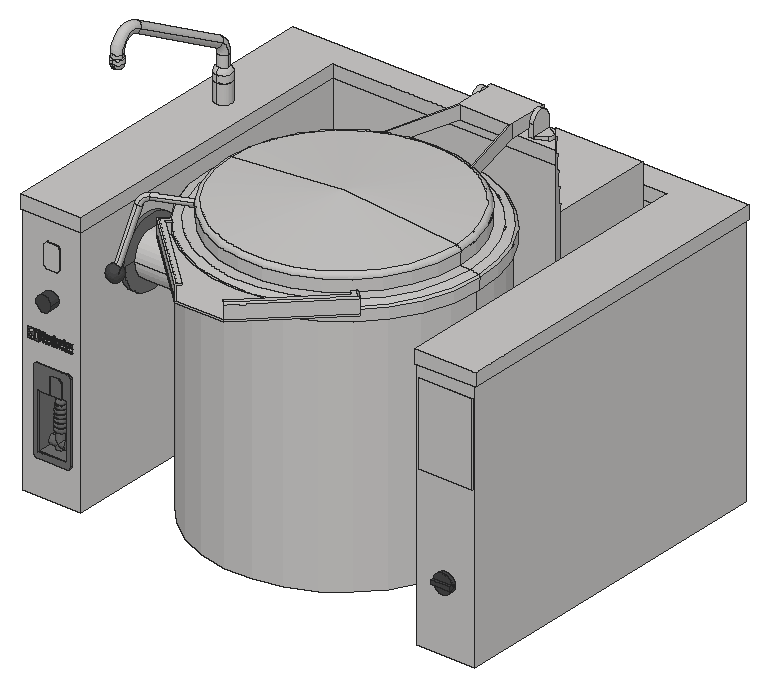
Revit family "QF_ELECTROLUXPROFESSIONAL_586917_PBOT10GCCS", category Specialty Equipment, Revit 2018 (continued)
Automatic sketch dimensions
  Extrusion 25 sketch curve to Extrusion 25 sketch curve = 0.297 mm  (x2)
  Extrusion 25 sketch curve to Extrusion 25 sketch curve = 2.359 mm
  Extrusion 25 sketch curve to Extrusion 25 sketch curve = 0.839 mm
  Extrusion 25 sketch curve to Extrusion 25 sketch curve = 0.892 mm  (x2)
  Extrusion 25 sketch curve to Extrusion 25 sketch curve = 0.563 mm
  Extrusion 25 sketch curve to Extrusion 25 sketch curve = 1.037 mm
  Extrusion 25 sketch curve to Extrusion 25 sketch curve = 0.531 mm  (x2)
  Extrusion 25 sketch curve to Extrusion 25 sketch curve = 0.068 mm  (x2)
  Extrusion 25 sketch curve to Extrusion 25 sketch curve = 0.203 mm
  Extrusion 25 sketch curve to Extrusion 25 sketch curve = 0.107 mm  (x2)
  Extrusion 25 sketch curve to Extrusion 25 sketch curve = 1.305 mm
  Extrusion 25 sketch curve to Extrusion 25 sketch curve = 1.058 mm
  Extrusion 25 sketch curve to Extrusion 25 sketch curve = 0.365 mm
  Extrusion 25 sketch curve to Extrusion 25 sketch curve = 0.15 mm  (x2)
  Extrusion 25 sketch curve to Extrusion 25 sketch curve = 0.475 mm
  Extrusion 25 sketch curve to Extrusion 25 sketch curve = 0.292 mm
  Extrusion 25 sketch curve to Extrusion 25 sketch curve = 0.434 mm  (x2)
  Extrusion 25 sketch curve to Extrusion 25 sketch curve = 0.385 mm  (x2)
  Extrusion 25 sketch curve to Extrusion 25 sketch curve = 2.117 mm
  Extrusion 25 sketch curve to Extrusion 25 sketch curve = 0.295 mm  (x2)
  Extrusion 25 sketch curve to Extrusion 25 sketch curve = 0.968 mm
  Extrusion 25 sketch curve to Extrusion 25 sketch curve = 3.826 mm
  Extrusion 25 sketch curve to Extrusion 25 sketch curve = 1.018 mm  (x2)
  Extrusion 25 sketch curve to Extrusion 25 sketch curve = 4.718 mm
  Extrusion 25 sketch curve to Extrusion 25 sketch curve = 2.967 mm
  Extrusion 25 sketch curve to Extrusion 25 sketch curve = 1.662 mm
  Extrusion 25 sketch curve to Extrusion 25 sketch curve = 1.626 mm  (x3)
  Extrusion 25 sketch curve to Extrusion 25 sketch curve = 1.65 mm
  Extrusion 25 sketch curve to Extrusion 25 sketch curve = 1.192 mm
  Extrusion 25 sketch curve to Extrusion 25 sketch curve = 2.57 mm  (x2)
  Extrusion 25 sketch curve to Extrusion 25 sketch curve = 3.444 mm  (x2)
  Extrusion 25 sketch curve to Extrusion 25 sketch curve = 1.343 mm  (x2)
  Extrusion 25 sketch curve to Extrusion 25 sketch curve = 1.353 mm  (x2)
  Extrusion 25 sketch curve to Extrusion 25 sketch curve = 0.027 mm  (x2)
  Extrusion 25 sketch curve to Extrusion 25 sketch curve = 0.395 mm  (x2)
  Extrusion 25 sketch curve to Extrusion 25 sketch curve = 0.329 mm  (x2)
  Extrusion 25 sketch curve to Extrusion 25 sketch curve = 0.425 mm  (x2)
  Extrusion 25 sketch curve to Extrusion 25 sketch curve = 0.051 mm  (x2)
  Extrusion 25 sketch curve to Extrusion 25 sketch curve = 0.495 mm  (x2)
  Extrusion 25 sketch curve to Extrusion 25 sketch curve = 0.267 mm  (x2)
  Extrusion 25 sketch curve to Extrusion 25 sketch curve = 1.4 mm
  Extrusion 25 sketch curve to Extrusion 25 sketch curve = 5.233 mm
  Extrusion 25 sketch curve to Extrusion 25 sketch curve = 2.062 mm
  plane 3 "LEFT" to Extrusion 26 sketch curve = 43.4 mm
  Extrusion 26 sketch curve to Extrusion 26 sketch curve = 82 mm
  Extrusion 26 sketch curve to plane 20 = 78.939 mm
  Extrusion 26 sketch curve to Extrusion 26 sketch curve = 195 mm
  radius of Extrusion 4 sketch curve = 10 mm
  radius of Extrusion 15 sketch curve = 25 mm
  radius of curve 43 = 25 mm
  radius of Extrusion 17 sketch curve = 20 mm
  radius of Extrusion 20 sketch curve = 6.35 mm  (x2)
  radius of Extrusion 20 sketch curve = 12.7 mm
  radius of Extrusion 25 sketch curve = 2.453 mm
  radius of Extrusion 25 sketch curve = 1.557 mm
  radius of Extrusion 25 sketch curve = 1.468 mm
  radius of Extrusion 25 sketch curve = 2.451 mm
Nested families
  nested 1: "Electrolux_Handle" at (324.646, -653.285, 8.398) x (0.9205, 0.3907, 0) z (0, 0, 1), type "Family1"
  nested 2: "QF_ELECTROLUXPROFESSIONAL_RubSprint" at (80, -230.346, 900), type "QF_ELECTROLUXPROFESSIONAL_RubSprint"
  nested 3: "QF_ELECTROLUXPROFESSIONAL_SprayGun" at (80.4, -737, 291.944), type "QF_ELECTROLUXPROFESSIONAL_SprayGun"
Connectors
  piping at (110.571, 100, 395), diameter 12.7
    settings: on Extrusion 20, index 1, connector inside diameter 1/2", connector length 0 mm, flow factor 0, pipe flow 0 GPM, pressure drop 0.00 psi, fitting loss kfactor 0, connector angle 0.00°, fixture units 0, engagement length 0 mm, angle of deflection 0.00°, flow configuration 1, flow direction 1, fitting loss method 0, system type 20, joint type 0, gender type 0, connector reference index -1, connector utility 0, adjustable connector no, is connector primary yes, connector description "Cold Water Supply"
  piping at (50, 100, 395), diameter 12.7
    settings: on Extrusion 20, index 2, connector inside diameter 1/2", connector length 0 mm, flow factor 0, pipe flow 0 GPM, pressure drop 0.00 psi, fitting loss kfactor 0, connector angle 0.00°, fixture units 0, engagement length 0 mm, angle of deflection 0.00°, flow configuration 1, flow direction 1, fitting loss method 0, system type 19, joint type 0, gender type 0, connector reference index -1, connector utility 0, adjustable connector no, is connector primary no, connector description "Hot Water Supply"
  electrical at (1120, 100, 450), driven by "Volts"
    settings: on Extrusion 4, index 3, voltage 230 V, apparent load 300 VA, apparent load phase1 0 VA, apparent load phase2 0 VA, apparent load phase3 0 VA, power factor 1, load classification "Other", number of poles 1, system type 30, power factor state 1, is connector primary yes, connector utility no, sub classification motor no, connector description "Electrical Connection"
  piping at (80.257, 100, 345), diameter 25.4
    settings: on Extrusion 20, index 4, connector inside diameter 1", connector length 0 mm, flow factor 0, pipe flow 0 GPM, pressure drop 0.00 psi, fitting loss kfactor 0, connector angle 0.00°, fixture units 0, engagement length 0 mm, angle of deflection 0.00°, flow configuration 1, flow direction 1, fitting loss method 0, system type 7, joint type 0, gender type 0, connector reference index -1, connector utility 0, adjustable connector no, is connector primary no, connector description "Gas Connection"
Definition of nested family "Electrolux_Handle"
  Parameters
    Assembly Code = ""
  Reference planes
    plane 1 "Center (Front/Back)": y = 0
    plane 2: z = 0
    plane 3 "Center (Left/Right)": x = 0
  Forms (mm)
    Sweep 1, solid
      path origin (0, -272.67, 40.751) x (1, 0, 0) y (0, 0.292372, 0.956305)
        loop
          line (16.511, 924.614) -> (-78.489, 924.614)
          arc (-78.489, 924.614) -> (-94.127, 919.229) -> (-103.135, 905.359) r 25.4
          line (-103.135, 905.359) -> (-140.724, 754.597)
      profile origin (-30.989, -2.339, 924.963) x (0, -0.292372, -0.956305) y (0, -0.956305, 0.292372)
        loop
          circle (0, 0) r 8
    Revolve 2, solid
      sketch origin (0, -272.67, 40.751) x (1, 0, 0) y (0, 0.292372, 0.956305)
        loop
          arc (-160.764, 759.594) -> (-145.72, 734.557) -> (-120.683, 749.601) r 20.654
          line (-120.683, 749.601) -> (-160.764, 759.594)
        axis (-120.683, 749.601) -> (-160.764, 759.594)
      angle from 0 to 360
  Lines and regions (mm)
    symbolic lines
      curve 1: line (16.511, 5.661, 0) -> (-87.322, 5.661, 0)
      curve 2: line (16.511, -9.989, 0) -> (-86.193, -9.989, 0)
      curve 3: line (-133.697, -56.773, 0) -> (-97.513, -15.149, 0)
      curve 4: line (-146.568, -45.584, 0) -> (-111.666, -5.433, 0)
      curve 5: arc (-135.59, -32.955, 0) -> (-154.333, -67.194, 0) -> (-122.78, -44.215, 0) r 20
      curve 6: arc (-146.568, -45.584, 0) -> (-145.727, -57.614, 0) -> (-133.697, -56.773, 0) r 8.527
      curve 7: arc (-87.322, 5.661, 0) -> (-100.698, 2.757, 0) -> (-111.666, -5.433, 0) r 32.256
      curve 8: arc (-86.193, -9.989, 0) -> (-92.413, -11.34, 0) -> (-97.513, -15.149, 0) r 15
  Dimensions and locks
    aligned and locked: level to plane 2
    aligned and locked: Revolve 2 sketch curve to Sweep 1  (x2)
    aligned and locked: curve 1 to Sweep 1
    aligned and locked: Sweep 1 to curve 2
Definition of nested family "QF_ELECTROLUXPROFESSIONAL_RubSprint"
  Reference planes
    plane 1 "Center (Front/Back)": y = 0
    plane 2: z = 0
    plane 3 "Center (Left/Right)": x = 0
  Forms (mm)
    Revolve 1, solid
      sketch origin (0, 0, 0) x (0, 1, 0) y (0, 0, 1)
        loop
          line (-21, 0) -> (0, 0) -> (0, 82.75) -> (-14.385, 82.75)
          arc (-14.385, 82.75) -> (-19.409, 76.68) -> (-22.385, 69.383) r 26
          line (-22.385, 69.383) -> (-22.385, 51.306) -> (-21, 50.388) -> (-21, 0)
        axis (0, 82.75) -> (0, 0)
      angle from 0 to 360
    Sweep 2, solid
      path origin (0, 0, 0) x (0, 1, 0) y (0, 0, 1)
        loop
          line (0, 82.75) -> (0, 113.75)
          arc (0, 113.75) -> (-5.44, 133.889) -> (-20.279, 148.551) r 40
          line (-20.279, 148.551) -> (-290.279, 301.55)
          arc (-290.279, 301.55) -> (-330.139, 301.31) -> (-349.999, 266.749) r 40
          line (-349.999, 266.749) -> (-349.999, 257.884)
      profile origin (0, 0, 98.25) x (0, -1, 0) y (1, 0, 0)
        loop
          circle (0, 0) r 13.5
    Revolve 3, solid
      sketch origin (0, 0, 0) x (0, 1, 0) y (0, 0, 1)
        loop
          line (-333.717, 244.264) -> (-333.717, 254.236)
          arc (-333.717, 254.236) -> (-334.434, 255.758) -> (-335.779, 256.77) r 3.5
          line (-335.779, 256.77) -> (-336.499, 257.884) -> (-349.999, 257.884) -> (-349.999, 233.05) -> (-339.2, 233.05)
          arc (-339.2, 233.05) -> (-338.052, 233.411) -> (-337.32, 234.365) r 2
          line (-337.32, 234.365) -> (-333.717, 244.264)
        axis (-349.999, 257.884) -> (-349.999, 233.05)
      angle from 0 to 360
  Lines and regions (mm)
    symbolic lines
      curve 1: arc (-13.5, -17.856, 0) -> (0, 22.385, 0) -> (13.5, -17.856, 0) r 22.385
      curve 2: arc (-13.5, 0, 0) -> (0, 13.5, 0) -> (13.5, 0, 0) r 13.5
      curve 3: arc (-13.5, -349.999, 0) -> (0, -363.499, 0) -> (13.5, -349.999, 0) r 13.5
      curve 4: arc (-13.5, -340.897, 0) -> (0, -366.281, 0) -> (13.5, -340.897, 0) r 16.282
      curve 5: line (13.5, -349.999, 0) -> (13.5, 0, 0)
      curve 6: line (-13.5, -349.999, 0) -> (-13.5, 0, 0)
  Dimensions and locks
    aligned and locked: level to plane 2
Definition of nested family "QF_ELECTROLUXPROFESSIONAL_SprayGun"
  Reference planes
    plane 1 "Center (Front/Back)": y = 0
    plane 2: z = 0
    plane 3 "SGy": x = 13
    plane 4 "AxeZ": y = -45
    plane 5 "Center (Left/Right)": x = 4
    plane 6 "Center (Top/Right)": z = 112.5
  Forms (mm)
    Revolve 1, solid
      sketch origin (0, -45, 0) x (0, 0, 1) y (-1, 0, 0)
        loop
          line (73.98, -1.423) -> (33.98, -1.423) -> (33.98, -13) -> (151.7, -13) -> (151.7, -4.362)
          arc (151.7, -4.362) -> (147.093, -1.396) -> (141.64, -1.926) r 8.345
          arc (141.64, -1.926) -> (140.226, -2.024) -> (139.103, -1.16) r 2
          arc (139.103, -1.16) -> (138.832, -0.814) -> (138.493, -0.536) r 2
          arc (138.493, -0.536) -> (134.77, 0.557) -> (131.061, -0.581) r 6.745
          arc (131.061, -0.581) -> (129.812, -0.914) -> (128.62, -0.414) r 2
          arc (128.62, -0.414) -> (124.347, 1.338) -> (119.917, 0.035) r 6.972
          arc (119.917, 0.035) -> (118.79, -0.341) -> (117.648, -0.011) r 2
          arc (117.648, -0.011) -> (113.81, 1.188) -> (109.921, 0.166) r 7.275
          arc (109.921, 0.166) -> (108.725, -0.109) -> (107.594, 0.367) r 2
          arc (107.594, 0.367) -> (103.55, 1.928) -> (99.427, 0.587) r 6.475
          arc (99.427, 0.587) -> (98.262, 0.173) -> (97.076, 0.524) r 2
          arc (97.076, 0.524) -> (92.711, 1.941) -> (88.277, 0.758) r 8.094
          arc (88.277, 0.758) -> (87.212, 0.464) -> (86.153, 0.781) r 2
          arc (86.153, 0.781) -> (79.633, 2.075) -> (73.98, -1.423) r 9.075
        axis (151.7, -13) -> (33.98, -13)
      angle from 0 to 360
    Revolve 2, solid
      sketch origin (0, -45, 0) x (0, 0, 1) y (-1, 0, 0)
        loop
          line (47.58, 11.558) -> (40.98, 11.558) -> (40.98, 9.577) -> (35.98, 9.577) -> (35.98, -30.423) -> (40.98, -30.423) -> (40.98, -35.423) -> (47.58, -35.423) -> (47.58, 11.558)
        axis (47.58, 11.558) -> (47.58, -35.423)
      angle from 0 to 360
    Extrusion 3, solid
      sketch origin (0, -45, 0) x (1, 0, 0) y (0, 1, 0)
        loop
          line (21.638, 0) -> (17.319, 7.481) -> (8.681, 7.481) -> (4.362, 0) -> (8.681, -7.481) -> (17.319, -7.481) -> (21.638, 0)
      from 151.7 to 160.974
    Extrusion 4, solid
      sketch origin (0, 0, 0) x (1, 0, 0) y (0, 0, 1)
        loop
          arc (-45, 10) -> (-42.071, 2.929) -> (-35, 0) r 10
          line (-35, 0) -> (43, 0)
          arc (43, 0) -> (50.071, 2.929) -> (53, 10) r 10
          line (53, 10) -> (53, 215)
          arc (53, 215) -> (50.071, 222.071) -> (43, 225) r 10
          line (43, 225) -> (-35, 225)
          arc (-35, 225) -> (-42.071, 222.071) -> (-45, 215) r 10
          line (-45, 215) -> (-45, 10)
        loop
          line (-35, 162) -> (-35, 16) -> (43, 16) -> (43, 162) -> (29, 162) -> (29, 199)
          arc (29, 199) -> (26.657, 204.657) -> (21, 207) r 8
          line (21, 207) -> (5, 207)
          arc (5, 207) -> (-0.657, 204.657) -> (-3, 199) r 8
          line (-3, 199) -> (-3, 162) -> (-35, 162)
      from 63 to 60
    Extrusion 5, solid
      sketch origin (0, 0, 0) x (1, 0, 0) y (0, 0, 1)
        loop
          line (-35, 16) -> (43, 16) -> (43, 162) -> (29, 162) -> (29, 199)
          arc (29, 199) -> (26.657, 204.657) -> (21, 207) r 8
          line (21, 207) -> (5, 207)
          arc (5, 207) -> (-0.657, 204.657) -> (-3, 199) r 8
          line (-3, 199) -> (-3, 162) -> (-35, 162) -> (-35, 16)
        loop
          line (31, 164) -> (31, 199)
          arc (31, 199) -> (28.071, 206.071) -> (21, 209) r 10
          line (21, 209) -> (5, 209)
          arc (5, 209) -> (-2.071, 206.071) -> (-5, 199) r 10
          line (-5, 199) -> (-5, 164) -> (-37, 164) -> (-37, 14) -> (45, 14) -> (45, 164) -> (31, 164)
      from 0 to 60
    Extrusion 6, solid
      sketch origin (0, 0, 0) x (1, 0, 0) y (0, 0, 1)
        loop
          line (-37, 164) -> (-37, 14) -> (45, 14) -> (45, 164) -> (-37, 164)
      from 6 to 0
    Extrusion 7, solid
      sketch origin (0, 0, 0) x (1, 0, 0) y (0, 0, 1)
        loop
          line (28, 160.974) -> (28, 198)
          arc (28, 198) -> (25.657, 203.657) -> (20, 206) r 8
          line (20, 206) -> (6, 206)
          arc (6, 206) -> (0.343, 203.657) -> (-2, 198) r 8
          line (-2, 198) -> (-2, 160.974) -> (28, 160.974)
      from 0 to 63
  Dimensions and locks
    equal spacing: Extrusion 4, plane 5 "Center (Left/Right)", Extrusion 4
    Extrusion 4 to Extrusion 4 = 225 mm
    Extrusion 4 to Extrusion 4 = 98 mm
    aligned and locked: level to plane 2
  Automatic sketch dimensions
    plane 3 "SGy" to Revolve 1 sketch curve = 0 mm  (x2)
    plane 5 "Center (Left/Right)" to Revolve 1 sketch curve = 2.577 mm
    level to Revolve 1 sketch curve = 33.98 mm
    Revolve 1 sketch curve to Revolve 1 sketch curve = 40 mm
    Revolve 1 sketch curve to plane 5 "Center (Left/Right)" = 2.854 mm
    Revolve 1 sketch curve to Revolve 1 sketch curve = 7.27 mm
    Revolve 1 sketch curve to Revolve 1 sketch curve = 5.984 mm
    Revolve 1 sketch curve to plane 5 "Center (Left/Right)" = 2.15 mm
    Revolve 1 sketch curve to Revolve 1 sketch curve = 5.262 mm
    Revolve 1 sketch curve to Revolve 1 sketch curve = 5.712 mm
    Revolve 1 sketch curve to plane 5 "Center (Left/Right)" = 0.545 mm
    Revolve 1 sketch curve to Revolve 1 sketch curve = 5.167 mm
    Revolve 1 sketch curve to Revolve 1 sketch curve = 5.522 mm
    Revolve 1 sketch curve to plane 5 "Center (Left/Right)" = 2.085 mm
    Revolve 1 sketch curve to Revolve 1 sketch curve = 4.746 mm
    Revolve 1 sketch curve to Revolve 1 sketch curve = 5.106 mm
    Revolve 1 sketch curve to plane 5 "Center (Left/Right)" = 1.624 mm
    Revolve 1 sketch curve to Revolve 1 sketch curve = 5.239 mm
    Revolve 1 sketch curve to Revolve 1 sketch curve = 5.96 mm
    Revolve 1 sketch curve to plane 5 "Center (Left/Right)" = 2.187 mm
    Revolve 1 sketch curve to Revolve 1 sketch curve = 4.862 mm
    plane 5 "Center (Left/Right)" to Revolve 1 sketch curve = 1.788 mm
    Revolve 1 sketch curve to Revolve 1 sketch curve = 2.59 mm
    Revolve 1 sketch curve to Revolve 1 sketch curve = 3.403 mm
    plane 3 "SGy" to Revolve 1 sketch curve = 3.493 mm
    Revolve 1 sketch curve to Revolve 1 sketch curve = 4.325 mm
    Revolve 1 sketch curve to Revolve 1 sketch curve = 6.57 mm
    Revolve 1 sketch curve to plane 5 "Center (Left/Right)" = 0.362 mm
    plane 5 "Center (Left/Right)" to Revolve 1 sketch curve = 3.891 mm
    plane 5 "Center (Left/Right)" to Revolve 1 sketch curve = 5.081 mm
    plane 5 "Center (Left/Right)" to Revolve 1 sketch curve = 5.658 mm
    plane 5 "Center (Left/Right)" to Revolve 1 sketch curve = 5.884 mm
    plane 5 "Center (Left/Right)" to Revolve 1 sketch curve = 6.173 mm
    plane 5 "Center (Left/Right)" to Revolve 1 sketch curve = 6.464 mm
    Revolve 1 sketch curve to Revolve 1 sketch curve = 7.72 mm
    Revolve 1 sketch curve to Revolve 1 sketch curve = 0 mm  (x12)
    Revolve 1 sketch curve to Revolve 1 sketch curve = 1.57 mm
    Revolve 2 sketch curve to plane 3 "SGy" = 17.423 mm
    level to Revolve 2 sketch curve = 35.98 mm
    Revolve 2 sketch curve to Revolve 2 sketch curve = 5 mm  (x3)
    Revolve 2 sketch curve to Revolve 2 sketch curve = 6.6 mm
    plane 5 "Center (Left/Right)" to Revolve 2 sketch curve = 13.577 mm
    Revolve 2 sketch curve to Revolve 2 sketch curve = 1.981 mm
    Revolve 2 sketch curve to Revolve 2 sketch curve = 0 mm  (x2)
    Revolve 2 sketch curve to Revolve 2 sketch curve = 4.326 mm
    plane 4 "AxeZ" to Extrusion 3 sketch curve = 0 mm  (x2)
    Extrusion 3 sketch curve to plane 5 "Center (Left/Right)" = 0.362 mm
    plane 3 "SGy" to Extrusion 3 sketch curve = 4.319 mm  (x2)
    Extrusion 3 sketch curve to plane 3 "SGy" = 4.319 mm  (x2)
    Extrusion 3 sketch curve to Extrusion 3 sketch curve = 4.319 mm
    plane 4 "AxeZ" to Extrusion 3 sketch curve = 7.481 mm
    Extrusion 3 sketch curve to plane 4 "AxeZ" = 7.481 mm
    Extrusion 4 sketch curve to level = 0 mm
    level to Extrusion 4 sketch curve = 10 mm
    plane 5 "Center (Left/Right)" to Extrusion 4 sketch curve = 49 mm
    Extrusion 4 sketch curve to Extrusion 4 sketch curve = 10 mm  (x2)
    Extrusion 4 sketch curve to Extrusion 4 sketch curve = 0 mm  (x3)
    plane 5 "Center (Left/Right)" to Extrusion 4 sketch curve = 7 mm
    Extrusion 4 sketch curve to plane 5 "Center (Left/Right)" = 1 mm
    Extrusion 4 sketch curve to plane 3 "SGy" = 8 mm
    Extrusion 4 sketch curve to plane 3 "SGy" = 16 mm
    Extrusion 4 sketch curve to Extrusion 4 sketch curve = 14 mm  (x2)
    Extrusion 4 sketch curve to Extrusion 4 sketch curve = 6 mm
    Extrusion 4 sketch curve to Extrusion 4 sketch curve = 146 mm
    Extrusion 4 sketch curve to Extrusion 4 sketch curve = 37 mm
    Extrusion 4 sketch curve to Extrusion 4 sketch curve = 16 mm
    Extrusion 5 sketch curve to Extrusion 5 sketch curve = 0 mm  (x5)
    level to Extrusion 5 sketch curve = 14 mm
    plane 5 "Center (Left/Right)" to Extrusion 5 sketch curve = 41 mm
    Extrusion 5 sketch curve to Extrusion 5 sketch curve = 2 mm  (x6)
    plane 5 "Center (Left/Right)" to Extrusion 5 sketch curve = 9 mm
    Extrusion 5 sketch curve to plane 5 "Center (Left/Right)" = 1 mm
    Extrusion 5 sketch curve to plane 3 "SGy" = 8 mm
    Extrusion 5 sketch curve to Extrusion 5 sketch curve = 8 mm
    Extrusion 5 sketch curve to plane 3 "SGy" = 30 mm
    Extrusion 5 sketch curve to Extrusion 5 sketch curve = 146 mm
    Extrusion 5 sketch curve to Extrusion 5 sketch curve = 35 mm
    level to Extrusion 6 sketch curve = 14 mm
    plane 5 "Center (Left/Right)" to Extrusion 6 sketch curve = 41 mm
    Extrusion 6 sketch curve to plane 3 "SGy" = 32 mm
    Extrusion 6 sketch curve to Extrusion 6 sketch curve = 150 mm
    plane 5 "Center (Left/Right)" to Extrusion 7 sketch curve = 6 mm
    Extrusion 7 sketch curve to plane 5 "Center (Left/Right)" = 2 mm
    Extrusion 7 sketch curve to plane 3 "SGy" = 7 mm
    Extrusion 7 sketch curve to plane 3 "SGy" = 15 mm
    level to Extrusion 7 sketch curve = 160.974 mm
    Extrusion 7 sketch curve to Extrusion 7 sketch curve = 37.026 mm
